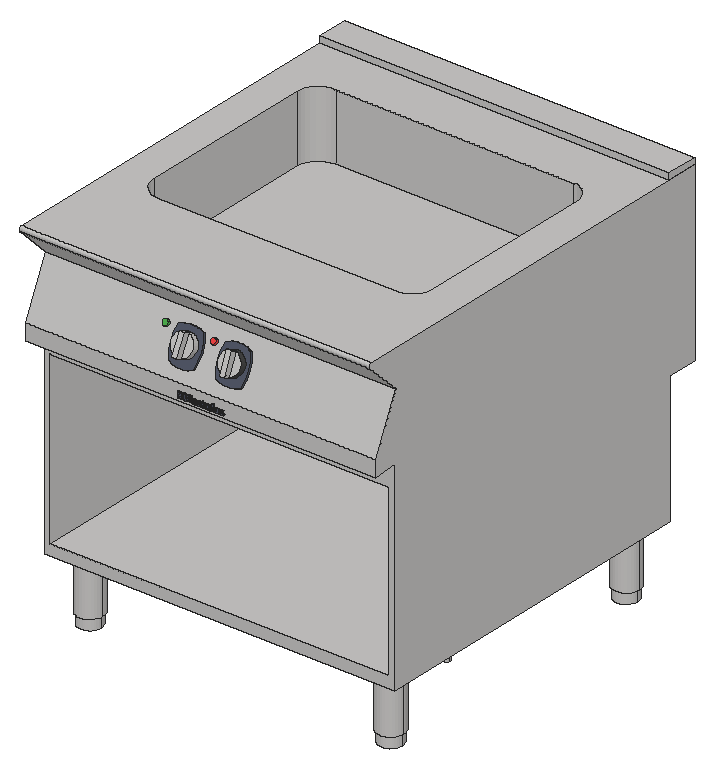
Revit family "QF_ELECTROLUXPROFESSIONAL_391151_E9MFEHDIO0", category Specialty Equipment, Revit 2018
Family settings
  Round Connector Dimension = Use Diameter
  Part Type = Normal
  Work Plane-Based = No
  Always vertical = Yes
  Cut with Voids When Loaded = No
  Shared = No
  Room Calculation Point = No
Parameters
  Width = 800 mm  # constant formula
  Weight in Pounds = 115  # constant formula
  Watts = 10000 VA  # 10000 W
  Waste Water Discharge Temperature [instance] = -459.67 °F
  Volts = 400 V  # constant formula
  URL Cutsheet = "www.electrolux.com/foodservice"
  URL = "www.electrolux.com/foodservice"
  Type Mark [instance] = ""
  Status [instance] = ""
  Specification by User [instance] = ""
  Specification by Manufacturer = ""
  Show Logo [instance] = yes
  Show Clearance [instance] = yes
  Serial Number = ""
  Seismic Rating = ""
  SMACNA No = ""
  Revision Code [instance] = ""
  Plumbing Remarks [instance] = ""
  Plumbing Connection Type [instance] = ""
  Phase = 3  # constant formula
  Omniclass Number and Title = ""
  Number of Poles [instance] = 1
  NAFEM Spec ID Number = ""
  Model = "391151"
  Min Ckt Ampacity = 0 A
  Max Overcurrent Protection = 0 A
  Masterspec = ""
  Manufacturer = "ELECTROLUX"
  Item Number [instance] = ""
  Installed By [instance] = ""
  Indirect Waste Size = 2"
  Indirect Waste Flow [instance] = 0 GPM
  Indirect Waste Connection Type [instance] = ""
  Indirect Waste Connection Height = 0 mm
  Identify Quantity as Lot [instance] = yes
  Height = 333 mm  # constant formula
  HP = "13.4 HP"
  Furnished By [instance] = ""
  Foodservice Equipment Identifier [instance] = yes
  FL Amps = if(Phase = 3, Watts / (Volts * 1.73), Watts / Volts)  # 14.4509 A
  Electrical Remarks [instance] = "400 V/3N ph/50/60 Hz"  # constant formula
  Electric Connection Type [instance] = ""
  Elec Conn RI Height [instance] = 0 mm
  Elec Conn Connection Height [instance] = 0 mm
  Direct Waste Size = 0"
  Description = "900XP ELECTRIC MULTIFUNCTIONAL COOKER 22 LT – WITH COMPOUND BOTTOM"
  Depth = 930 mm  # constant formula
  Cycle = if([60 Hertz Option], 60 Hz, 50 Hz)  # 60 Hz
  Conn Plug = ""
  Conn Conduit = yes
  CSI MasterFormat = ""
  CSI Master Format = ""
  Base Height [instance] = 149 mm  # constant formula
  Apparent Power = if(Phase = 3, Volts * FL Amps * 1.73, Volts * FL Amps)  # 10000 VA
  60 Hertz Option = not([50 Hertz Option])  # yes
  50 Hertz Option = no
Reference planes
  plane 1 "BACK": y = 0
  plane 2: z = 0
  plane 3 "LEFT": x = 0
  plane 4 "RIGHT": x = 800
  plane 5 "FRONT": y = -930
  plane 6 "TOP": z = 865
  plane 7 "Center Y": x = 400
  plane 8 "Center X": y = -465
  plane 9: z = 149
  plane 10: y = -126
  plane 11: y = -800
  plane 12: y = -695
  plane 13: x = 56
  plane 14: x = 744
  plane 15: z = 603
Forms (mm)
  Extrusion 1, solid, material "QF_Finishes_Stainless Steel"
    sketch origin (0, -198.623, 0) x (0, 1, 0) y (0, 0, 1)
      loop
        line (198.623, 850.237) -> (-725.027, 850.237)
        arc (-725.027, 850.237) -> (-730.893, 846.318) -> (-729.517, 839.397) r 6.35
        line (-729.517, 839.397) -> (-657.416, 767.047) -> (-713.522, 646.19) -> (-713.522, 608.09) -> (-660.4, 613.7) -> (-660.4, 149) -> (128.623, 149) -> (128.623, 448) -> (198.623, 448) -> (198.623, 850.237)
      loop
        line (198.623, 865) -> (125, 865) -> (125, 851.837) -> (198.623, 851.837) -> (198.623, 865)
    from 0 to 800
  Extrusion 2, void
    sketch origin (0, -198.623, 850.238) x (-1, 0, 0) y (0, -1, 0)
      loop
        line (-670, -11.863) -> (-128.433, -11.863)
        arc (-128.433, -11.863) -> (-93.078, 2.782) -> (-78.433, 38.137) r 50
        line (-78.433, 38.137) -> (-78.433, 446.377)
        arc (-78.433, 446.377) -> (-93.078, 481.732) -> (-128.433, 496.377) r 50
        line (-128.433, 496.377) -> (-670, 496.377)
        arc (-670, 496.377) -> (-705.355, 481.732) -> (-720, 446.377) r 50
        line (-720, 446.377) -> (-720, 38.137)
        arc (-720, 38.137) -> (-705.355, 2.782) -> (-670, -11.863) r 50
    from 0 to -152.4
  Extrusion 3, solid, material "QF_Finishes_Navy Blue"
    sketch origin (-108.463, -912.145, 646.19) x (0, 0.421077, 0.907025) y (-1, 0, 0)
      loop
        arc (101.077, -425.788) -> (66.2, -418.771) -> (31.333, -425.832) r 89.894
        arc (31.333, -425.832) -> (24.638, -454.363) -> (31.333, -482.893) r 64.14
        arc (31.333, -482.893) -> (66.2, -489.955) -> (101.077, -482.938) r 89.894
        arc (101.077, -482.938) -> (107.792, -454.363) -> (101.077, -425.788) r 64.16
    from 0 to 3.175
  Extrusion 4, solid, material "QF_Finishes_Stainless Steel"
    sketch origin (-108.463, -915.025, 647.527) x (0, 0.421077, 0.907025) y (-1, 0, 0)
      loop
        circle (68.826, -454.351) r 25.4
    from 0 to 12.7
  Extrusion 5, solid, material "QF_Finishes_Stainless Steel"
    sketch origin (-108.463, -926.544, 652.875) x (0, 0.421077, 0.907025) y (-1, 0, 0)
      loop
        arc (93.558, -460.137) -> (94.226, -454.351) -> (93.558, -448.564) r 25.4
        line (93.558, -448.564) -> (44.094, -448.564)
        arc (44.094, -448.564) -> (43.426, -454.351) -> (44.094, -460.137) r 25.4
        line (44.094, -460.137) -> (93.558, -460.137)
    from 0 to 12.7
  Extrusion 6, solid, material "QF_Finishes_Red"
    sketch origin (-55, -912.145, 646.19) x (0, 0.421077, 0.907025) y (-1, 0, 0)
      loop
        circle (93.566, -454.95) r 6.35
    from 0 to 3.175
  Extrusion 7, solid, material "QF_Clearances", visible <- "Show Clearance", detail levels coarse
    sketch origin (0, -198.623, 0) x (1, 0, 0) y (0, 1, 0)
      loop
        line (0, -731.377) -> (0, 198.623) -> (800, 198.623) -> (800, -731.377) -> (950.019, -731.377) -> (950.019, 348.642) -> (-150.019, 348.642) -> (-150.019, -731.377) -> (0, -731.377)
    from 0 to 865
  Revolve 8, solid, material "QF_Finishes_Stainless Steel"
    sketch origin (0, -799.136, 608.09) x (0, 0, 1) y (-1, 0, 0)
      loop
        line (-608.09, -56) -> (-459.09, -56) -> (-459.09, -26) -> (-583.09, -26) -> (-583.09, -29.75) -> (-608.09, -29.75) -> (-608.09, -56)
      axis (-608.09, -56) -> (-459.09, -56)
    angle from 0 to 360
  Revolve 9, solid, material "QF_Finishes_Stainless Steel"
    sketch origin (0, -126, 608.09) x (0, 0, 1) y (-1, 0, 0)
      loop
        line (-608.09, -56) -> (-459.09, -56) -> (-459.09, -26) -> (-583.09, -26) -> (-583.09, -29.75) -> (-608.09, -29.75) -> (-608.09, -56)
      axis (-608.09, -56) -> (-459.09, -56)
    angle from 0 to 360
  Revolve 10, solid, material "QF_Finishes_Stainless Steel"
    sketch origin (800.1, -799.136, 608.09) x (0, 0, 1) y (-1, 0, 0)
      loop
        line (-608.09, 56.1) -> (-608.09, 29.85) -> (-583.09, 29.85) -> (-583.09, 26.1) -> (-459.09, 26.1) -> (-459.09, 56.1) -> (-608.09, 56.1)
      axis (-608.09, 56.1) -> (-459.09, 56.1)
    angle from 0 to 360
  Revolve 11, solid, material "QF_Finishes_Stainless Steel"
    sketch origin (800.1, -126, 608.09) x (0, 0, 1) y (-1, 0, 0)
      loop
        line (-608.09, 56.1) -> (-608.09, 29.85) -> (-583.09, 29.85) -> (-583.09, 26.1) -> (-459.09, 26.1) -> (-459.09, 56.1) -> (-608.09, 56.1)
      axis (-608.09, 56.1) -> (-459.09, 56.1)
    angle from 0 to 360
  Extrusion 12, solid, material "QF_Finishes_Stainless Steel"
    sketch origin (-77.88, -4770.623, 601) x (-1, 0, 0) y (0, -1, 0)
      loop
        circle (-368.88, -4124.623) r 12.7
    from 0 to -12.7
  Extrusion 13, void
    sketch origin (0, -859.023, 601) x (0, 0, -1) y (-1, 0, 0)
      loop
        line (426.6, -12.7) -> (38.1, -12.7) -> (38.1, -787.3) -> (426.6, -787.3) -> (426.6, -12.7)
    from 0 to 570.276
  Extrusion 14, solid, material "QF_Finishes_Navy Blue"
    sketch origin (908.563, -912.145, 646.19) x (0, 0.421077, 0.907025) y (-1, 0, 0)
      loop
        arc (101.077, 425.944) -> (107.812, 454.563) -> (101.077, 483.182) r 64.179
        arc (101.077, 483.182) -> (66.2, 490.196) -> (31.333, 483.138) r 89.935
        arc (31.333, 483.138) -> (24.618, 454.563) -> (31.333, 425.988) r 64.16
        arc (31.333, 425.988) -> (66.2, 418.933) -> (101.077, 425.944) r 89.976
    from 0 to 3.175
  Extrusion 15, solid, material "QF_Finishes_Stainless Steel"
    sketch origin (908.563, -915.025, 647.527) x (0, 0.421077, 0.907025) y (-1, 0, 0)
      loop
        circle (68.826, 454.351) r 25.4
    from 0 to 12.7
  Extrusion 16, solid, material "QF_Finishes_Stainless Steel"
    sketch origin (908.563, -926.544, 652.875) x (0, 0.421077, 0.907025) y (-1, 0, 0)
      loop
        line (93.558, 460.137) -> (44.094, 460.137)
        arc (44.094, 460.137) -> (43.426, 454.351) -> (44.094, 448.564) r 25.4
        line (44.094, 448.564) -> (93.558, 448.564)
        arc (93.558, 448.564) -> (94.226, 454.351) -> (93.558, 460.137) r 25.4
    from 0 to 12.7
  Extrusion 17, solid, material "QF_Finishes_Green"
    sketch origin (-165, -912.145, 646.19) x (0, 0.421077, 0.907025) y (-1, 0, 0)
      loop
        circle (93.566, -455.05) r 6.35
    from 0 to 3.175
  Extrusion 18, solid, material "QF_Finishes_Navy Blue", visible <- "Show Logo"
    sketch origin (60.791, -912.395, 608.09) x (0, 0, 1) y (-1, 0, 0)
      loop
        line (20.674, -296.698) -> (8.307, -296.698)
        arc (8.307, -296.698) -> (14.491, -301.27) -> (20.674, -296.698) r 6.467
      loop
        arc (20.674, -296.069) -> (19.505, -290.926) -> (14.849, -288.448) r 6.338
        line (14.849, -288.448) -> (14.849, -290.494)
        arc (14.849, -290.494) -> (16.333, -294.149) -> (19.778, -296.069) r 5.941
        line (19.778, -296.069) -> (20.674, -296.069)
      loop
        arc (9.203, -296.069) -> (12.648, -294.149) -> (14.132, -290.494) r 5.941
        line (14.132, -290.494) -> (14.132, -288.448)
        arc (14.132, -288.448) -> (9.438, -290.922) -> (8.148, -296.069) r 6.504
        line (8.148, -296.069) -> (9.203, -296.069)
      loop
        line (21.349, -287.979) -> (7.604, -287.979) -> (7.604, -301.742) -> (21.349, -301.742) -> (21.349, -287.979)
      loop
        arc (21.432, -304.71) -> (21.085, -304.352) -> (20.718, -304.69) r 0.358
        arc (20.718, -304.69) -> (20.404, -305.44) -> (19.687, -305.825) r 1.216
        line (19.687, -305.825) -> (9.274, -305.825)
        arc (9.274, -305.825) -> (8.614, -305.548) -> (8.218, -304.951) r 1.238
        arc (8.218, -304.951) -> (7.823, -304.7) -> (7.518, -305.054) r 0.358
        line (7.518, -305.054) -> (7.518, -314.933) -> (10.269, -314.933) -> (10.269, -314.036)
        arc (10.269, -314.036) -> (9.36, -313.456) -> (8.904, -312.479) r 1.928
        line (8.904, -312.479) -> (8.904, -309.98)
        arc (8.904, -309.98) -> (9.18, -309.251) -> (9.868, -308.887) r 1.101
        line (9.868, -308.887) -> (13.955, -308.887) -> (13.955, -312.561)
        arc (13.955, -312.561) -> (13.602, -313.058) -> (13.037, -313.286) r 1.083
        arc (13.037, -313.286) -> (12.773, -313.591) -> (13.065, -313.869) r 0.292
        line (13.065, -313.869) -> (16.028, -313.869)
        arc (16.028, -313.869) -> (16.33, -313.596) -> (16.092, -313.266) r 0.305
        arc (16.092, -313.266) -> (15.601, -313.018) -> (15.296, -312.561) r 1.083
        line (15.296, -312.561) -> (15.296, -308.887) -> (19.973, -308.887) -> (19.973, -312.635)
        arc (19.973, -312.635) -> (19.759, -313.39) -> (19.153, -313.888) r 1.314
        arc (19.153, -313.888) -> (18.934, -314.292) -> (19.288, -314.585) r 0.361
        line (19.288, -314.585) -> (21.432, -314.585) -> (21.432, -304.71)
      loop
        arc (20.715, -315.365) -> (20.335, -316.284) -> (19.416, -316.664) r 1.299
        line (19.416, -316.664) -> (9.837, -316.664)
        arc (9.837, -316.664) -> (8.999, -316.286) -> (8.728, -315.408) r 1.118
        line (8.728, -315.408) -> (7.518, -315.408) -> (7.518, -320.758) -> (8.706, -320.758)
        arc (8.706, -320.758) -> (8.978, -319.841) -> (9.848, -319.445) r 1.153
        line (9.848, -319.445) -> (21.92, -319.445) -> (20.715, -315.365)
      loop
        line (12.483, -323.394) -> (12.483, -329.842) -> (13.282, -329.842)
        arc (13.282, -329.842) -> (15.862, -328.857) -> (17.131, -326.404) r 3.874
        line (17.131, -326.404) -> (17.131, -324.643)
        arc (17.131, -324.643) -> (15.944, -321.778) -> (13.08, -320.592) r 4.051
        line (13.08, -320.592) -> (11.072, -320.592)
        arc (11.072, -320.592) -> (8.253, -322.077) -> (7.202, -325.084) r 4.352
        arc (7.202, -325.084) -> (7.566, -327.547) -> (8.943, -329.621) r 5.713
        line (8.943, -329.621) -> (9.892, -329.621)
        arc (9.892, -329.621) -> (9.16, -328.052) -> (8.943, -326.334) r 5.579
        arc (8.943, -326.334) -> (9.737, -324.371) -> (11.616, -323.394) r 3.057
        line (11.616, -323.394) -> (12.483, -323.394)
      loop
        line (13.742, -323.394) -> (13.742, -326.977)
        arc (13.742, -326.977) -> (15.199, -327.024) -> (16.082, -325.864) r 1.59
        line (16.082, -325.864) -> (16.082, -325.034)
        arc (16.082, -325.034) -> (15.217, -323.779) -> (13.742, -323.394) r 2.184
      loop
        arc (16.533, -339.259) -> (17.022, -337.585) -> (17.179, -335.848) r 9.023
        line (17.179, -335.848) -> (17.179, -334.486)
        arc (17.179, -334.486) -> (16.02, -331.686) -> (13.22, -330.527) r 3.959
        line (13.22, -330.527) -> (10.62, -330.527)
        arc (10.62, -330.527) -> (8.338, -331.819) -> (7.221, -334.192) r 4.331
        line (7.221, -334.192) -> (7.221, -336.327)
        arc (7.221, -336.327) -> (7.729, -337.877) -> (8.651, -339.223) r 5.772
        arc (8.651, -339.223) -> (9.412, -339.274) -> (9.499, -338.515) r 0.553
        arc (9.499, -338.515) -> (9.111, -337.781) -> (8.977, -336.962) r 2.573
        line (8.977, -336.962) -> (8.977, -335.447)
        arc (8.977, -335.447) -> (9.983, -333.806) -> (11.798, -333.163) r 2.884
        line (11.798, -333.163) -> (13.077, -333.163)
        arc (13.077, -333.163) -> (14.898, -333.723) -> (15.824, -335.388) r 2.554
        line (15.824, -335.388) -> (15.824, -336.441)
        arc (15.824, -336.441) -> (15.493, -337.369) -> (14.836, -338.104) r 2.564
        arc (14.836, -338.104) -> (14.614, -338.821) -> (15.223, -339.259) r 0.643
        line (15.223, -339.259) -> (16.533, -339.259)
      loop
        line (15.515, -339.53) -> (15.515, -341.031) -> (9.467, -341.031)
        arc (9.467, -341.031) -> (7.879, -341.688) -> (7.221, -343.276) r 2.246
        line (7.221, -343.276) -> (7.221, -344.86)
        arc (7.221, -344.86) -> (7.535, -345.725) -> (8.035, -346.496) r 4.06
        arc (8.035, -346.496) -> (8.768, -346.629) -> (9.019, -345.928) r 0.576
        arc (9.019, -345.928) -> (8.913, -345.403) -> (8.977, -344.87) r 1.69
        arc (8.977, -344.87) -> (9.519, -344.082) -> (10.425, -343.779) r 1.506
        line (10.425, -343.779) -> (15.563, -343.779) -> (15.563, -346.176) -> (16.119, -346.733) -> (16.941, -346.733) -> (16.941, -343.873) -> (20.172, -343.873) -> (15.515, -339.53)
      loop
        line (7.438, -347.63) -> (7.438, -353.017) -> (8.548, -353.017)
        arc (8.548, -353.017) -> (8.942, -352.066) -> (9.893, -351.672) r 1.345
        line (9.893, -351.672) -> (13.509, -351.672)
        arc (13.509, -351.672) -> (14.274, -352.264) -> (14.564, -353.186) r 1.615
        line (14.564, -353.186) -> (14.564, -354.742) -> (17.119, -355.427) -> (17.119, -354.044) -> (15.177, -351.485) -> (17.057, -351.485) -> (16.773, -348.779)
        arc (16.773, -348.779) -> (16.333, -348.249) -> (15.674, -348.45) r 0.621
        arc (15.674, -348.45) -> (15.274, -348.792) -> (14.78, -348.975) r 1.501
        line (14.78, -348.975) -> (9.893, -348.975)
        arc (9.893, -348.975) -> (8.942, -348.581) -> (8.548, -347.63) r 1.345
        line (8.548, -347.63) -> (7.438, -347.63)
      loop
        line (13.54, -354.964) -> (10.848, -354.964)
        arc (10.848, -354.964) -> (8.403, -356.272) -> (7.269, -358.803) r 4.288
        arc (7.269, -358.803) -> (7.205, -360.183) -> (7.269, -361.563) r 15.022
        arc (7.269, -361.563) -> (8.403, -364.094) -> (10.848, -365.401) r 4.288
        line (10.848, -365.401) -> (13.54, -365.401)
        arc (13.54, -365.401) -> (15.986, -364.094) -> (17.119, -361.563) r 4.288
        arc (17.119, -361.563) -> (17.183, -360.183) -> (17.119, -358.803) r 15.022
        arc (17.119, -358.803) -> (15.986, -356.272) -> (13.54, -354.964) r 4.288
      loop
        line (13.745, -358.078) -> (10.643, -358.078)
        arc (10.643, -358.078) -> (8.486, -360.235) -> (10.643, -362.392) r 2.157
        line (10.643, -362.392) -> (13.745, -362.392)
        arc (13.745, -362.392) -> (15.902, -360.235) -> (13.745, -358.078) r 2.157
      loop
        arc (20.726, -365.26) -> (20.355, -366.154) -> (19.461, -366.524) r 1.264
        line (19.461, -366.524) -> (9.597, -366.524)
        arc (9.597, -366.524) -> (8.727, -366.127) -> (8.455, -365.211) r 1.153
        line (8.455, -365.211) -> (7.518, -365.211) -> (7.518, -370.319) -> (8.446, -370.319)
        arc (8.446, -370.319) -> (8.805, -369.547) -> (9.597, -369.232) r 1.153
        line (9.597, -369.232) -> (21.92, -369.232) -> (20.726, -365.26)
      loop
        arc (15.846, -369.857) -> (15.647, -370.921) -> (14.678, -371.403) r 1.215
        line (14.678, -371.403) -> (9.658, -371.403)
        arc (9.658, -371.403) -> (8.043, -372.051) -> (7.322, -373.634) r 2.338
        line (7.322, -373.634) -> (7.322, -375.148)
        arc (7.322, -375.148) -> (7.497, -376.152) -> (7.999, -377.038) r 2.979
        line (7.999, -377.038) -> (7.518, -378.835) -> (7.518, -380.524) -> (16.943, -380.524) -> (16.649, -376.32) -> (15.863, -376.32)
        arc (15.863, -376.32) -> (15.507, -377.156) -> (14.755, -377.665) r 1.605
        line (14.755, -377.665) -> (9.652, -377.665)
        arc (9.652, -377.665) -> (9.232, -376.728) -> (9.159, -375.704) r 2.94
        arc (9.159, -375.704) -> (9.72, -374.603) -> (10.873, -374.16) r 1.724
        line (10.873, -374.16) -> (17.07, -374.16) -> (15.846, -369.857)
      loop
        line (16.874, -381.377) -> (15.202, -383.423) -> (12.028, -385.729) -> (8.572, -382.617)
        arc (8.572, -382.617) -> (8.335, -382.223) -> (8.357, -381.764) r 0.789
        line (8.357, -381.764) -> (7.518, -381.764) -> (7.518, -385.309) -> (8.344, -385.309)
        arc (8.344, -385.309) -> (8.686, -384.947) -> (9.176, -385.039) r 0.52
        line (9.176, -385.039) -> (10.976, -386.51) -> (8.858, -387.886)
        arc (8.858, -387.886) -> (8.457, -387.576) -> (8.37, -387.076) r 0.7
        line (8.37, -387.076) -> (7.518, -387.076) -> (7.518, -393.003) -> (8.405, -393.003)
        arc (8.405, -393.003) -> (8.472, -392.344) -> (8.866, -391.813) r 1.247
        line (8.866, -391.813) -> (13.066, -388.532) -> (15.513, -390.585) -> (16.874, -392.327) -> (16.874, -388.604) -> (15.389, -389.026) -> (13.868, -387.749) -> (15.568, -386.559) -> (16.874, -387.336) -> (16.874, -381.377)
    from 0 to 1.644
  Extrusion 19, void
    sketch origin (0, -198.623, 697.838) x (0, -1, 0) y (-1, 0, 0)
      loop
        circle (447.377, -291) r 30
    from 0 to 96.838
  Extrusion 20, solid, material "QF_Finishes_Stainless Steel"
    sketch origin (0, -300.223, 149) x (-1, 0, 0) y (0, 1, 0)
      loop
        circle (-789, -394.777) r 6.604
    from 0 to 12.7
  Extrusion 21, solid, material "QF_Finishes_Stainless Steel"
    sketch origin (787.3, -859.023, 562.9) x (0, 1, 0) y (1, 0, 0)
      loop
        circle (105.023, -107.3) r 12.7
    from -60.039 to -40.1
Cuts and joins
  Extrusion 2, Extrusion 13, Extrusion 19 cuts Extrusion 1
Lines and regions (mm)
  symbolic lines, style "QF_Clearances", visible <- "Show Clearance", detail levels coarse
    curve 1: line (-150.019, 150.019, 850.238) -> (-150.019, -930, 850.238)
    curve 2: line (950.019, 150.019, 850.237) -> (-150.019, 150.019, 850.238)
    curve 3: line (950.019, -930, 850.237) -> (950.019, 150.019, 850.237)
  symbolic lines
    curve 4: line (0, 0, 850.238) -> (800, 0, 850.237)
    curve 5: line (0, -928.623, 850.238) -> (0, 0, 850.238)
    curve 6: line (800, -928.623, 850.237) -> (0, -928.623, 850.238)
    curve 7: line (800, 0, 850.237) -> (800, -928.623, 850.237)
    curve 8: line (22.699, -6.761, 850.238) -> (22.699, -63.911, 850.238)
    curve 9: line (13.403, -63.911, 850.238) -> (13.403, -6.761, 850.238)
    curve 10: line (13.403, -6.761, 850.238) -> (22.699, -6.761, 850.238)
    curve 11: line (0, -73.623, 850.238) -> (398.413, -73.623, 850.237)
    curve 12: line (384.649, -6.761, 850.237) -> (384.649, -63.911, 850.237)
    curve 13: line (375.353, -63.911, 850.237) -> (375.353, -6.761, 850.237)
    curve 14: line (375.353, -6.761, 850.237) -> (384.649, -6.761, 850.237)
    curve 15: line (50.541, -6.761, 850.238) -> (50.541, -63.911, 850.238)
    curve 16: line (41.245, -63.911, 850.238) -> (41.245, -6.761, 850.238)
    curve 17: line (41.245, -6.761, 850.238) -> (50.541, -6.761, 850.238)
    curve 18: line (78.383, -6.761, 850.238) -> (78.383, -63.911, 850.238)
    curve 19: line (69.087, -63.911, 850.238) -> (69.087, -6.761, 850.238)
    curve 20: line (69.087, -6.761, 850.238) -> (78.383, -6.761, 850.238)
    curve 21: line (106.225, -6.761, 850.237) -> (106.225, -63.911, 850.237)
    curve 22: line (96.93, -63.911, 850.238) -> (96.93, -6.761, 850.238)
    curve 23: line (96.93, -6.761, 850.238) -> (106.225, -6.761, 850.237)
    curve 24: line (134.068, -6.761, 850.237) -> (134.068, -63.911, 850.237)
    curve 25: line (124.772, -63.911, 850.237) -> (124.772, -6.761, 850.237)
    curve 26: line (124.772, -6.761, 850.237) -> (134.068, -6.761, 850.237)
    curve 27: line (161.91, -6.761, 850.237) -> (161.91, -63.911, 850.237)
    curve 28: line (152.614, -63.911, 850.237) -> (152.614, -6.761, 850.237)
    curve 29: line (152.614, -6.761, 850.237) -> (161.91, -6.761, 850.237)
    curve 30: line (189.752, -6.761, 850.237) -> (189.752, -63.911, 850.237)
    curve 31: line (180.457, -63.911, 850.237) -> (180.457, -6.761, 850.237)
    curve 32: line (180.457, -6.761, 850.237) -> (189.752, -6.761, 850.237)
    curve 33: line (217.595, -6.761, 850.237) -> (217.595, -63.911, 850.237)
    curve 34: line (208.299, -63.911, 850.237) -> (208.299, -6.761, 850.237)
    curve 35: line (208.299, -6.761, 850.237) -> (217.595, -6.761, 850.237)
    curve 36: line (245.437, -6.761, 850.237) -> (245.437, -63.911, 850.237)
    curve 37: line (236.141, -63.911, 850.237) -> (236.141, -6.761, 850.237)
    curve 38: line (236.141, -6.761, 850.237) -> (245.437, -6.761, 850.237)
    curve 39: line (273.279, -6.761, 850.237) -> (273.279, -63.911, 850.237)
    curve 40: line (263.984, -63.911, 850.237) -> (263.984, -6.761, 850.237)
    curve 41: line (263.984, -6.761, 850.237) -> (273.279, -6.761, 850.237)
    curve 42: line (301.122, -6.761, 850.237) -> (301.122, -63.911, 850.237)
    curve 43: line (291.826, -63.911, 850.237) -> (291.826, -6.761, 850.237)
    curve 44: line (291.826, -6.761, 850.237) -> (301.122, -6.761, 850.237)
    curve 45: line (328.964, -6.761, 850.237) -> (328.964, -63.911, 850.237)
    curve 46: line (319.668, -63.911, 850.237) -> (319.668, -6.761, 850.237)
    curve 47: line (319.668, -6.761, 850.237) -> (328.964, -6.761, 850.237)
    curve 48: line (356.806, -6.761, 850.237) -> (356.806, -63.911, 850.237)
    curve 49: line (347.511, -63.911, 850.237) -> (347.511, -6.761, 850.237)
    curve 50: line (347.511, -6.761, 850.237) -> (356.806, -6.761, 850.237)
    curve 51: line (777.251, -6.761, 850.237) -> (777.251, -63.911, 850.237)
    curve 52: line (786.547, -63.911, 850.237) -> (786.547, -6.761, 850.237)
    curve 53: line (786.547, -6.761, 850.237) -> (777.251, -6.761, 850.237)
    curve 54: line (415.301, -6.761, 850.237) -> (415.301, -63.911, 850.237)
    curve 55: line (424.597, -63.911, 850.237) -> (424.597, -6.761, 850.237)
    curve 56: line (424.597, -6.761, 850.237) -> (415.301, -6.761, 850.237)
    curve 57: line (749.409, -6.761, 850.237) -> (749.409, -63.911, 850.237)
    curve 58: line (758.705, -63.911, 850.237) -> (758.705, -6.761, 850.237)
    curve 59: line (758.705, -6.761, 850.237) -> (749.409, -6.761, 850.237)
    curve 60: line (721.567, -6.761, 850.237) -> (721.567, -63.911, 850.237)
    curve 61: line (730.863, -63.911, 850.237) -> (730.863, -6.761, 850.237)
    curve 62: line (730.863, -6.761, 850.237) -> (721.567, -6.761, 850.237)
    curve 63: line (693.725, -6.761, 850.237) -> (693.725, -63.911, 850.237)
    curve 64: line (703.02, -63.911, 850.237) -> (703.02, -6.761, 850.237)
    curve 65: line (703.02, -6.761, 850.237) -> (693.725, -6.761, 850.237)
    curve 66: line (665.882, -6.761, 850.237) -> (665.882, -63.911, 850.237)
    curve 67: line (675.178, -63.911, 850.237) -> (675.178, -6.761, 850.237)
    curve 68: line (675.178, -6.761, 850.237) -> (665.882, -6.761, 850.237)
    curve 69: line (638.04, -6.761, 850.237) -> (638.04, -63.911, 850.237)
    curve 70: line (647.336, -63.911, 850.237) -> (647.336, -6.761, 850.237)
    curve 71: line (647.336, -6.761, 850.237) -> (638.04, -6.761, 850.237)
    curve 72: line (610.198, -6.761, 850.237) -> (610.198, -63.911, 850.237)
    curve 73: line (619.493, -63.911, 850.237) -> (619.493, -6.761, 850.237)
    curve 74: line (619.493, -6.761, 850.237) -> (610.198, -6.761, 850.237)
    curve 75: line (582.355, -6.761, 850.237) -> (582.355, -63.911, 850.237)
    curve 76: line (591.651, -63.911, 850.237) -> (591.651, -6.761, 850.237)
    curve 77: line (591.651, -6.761, 850.237) -> (582.355, -6.761, 850.237)
    curve 78: line (554.513, -6.761, 850.237) -> (554.513, -63.911, 850.237)
    curve 79: line (563.809, -63.911, 850.237) -> (563.809, -6.761, 850.237)
    curve 80: line (563.809, -6.761, 850.237) -> (554.513, -6.761, 850.237)
    curve 81: line (526.671, -6.761, 850.237) -> (526.671, -63.911, 850.237)
    curve 82: line (535.966, -63.911, 850.237) -> (535.966, -6.761, 850.237)
    curve 83: line (535.966, -6.761, 850.237) -> (526.671, -6.761, 850.237)
    curve 84: line (498.828, -6.761, 850.237) -> (498.828, -63.911, 850.237)
    curve 85: line (508.124, -63.911, 850.237) -> (508.124, -6.761, 850.237)
    curve 86: line (508.124, -6.761, 850.237) -> (498.828, -6.761, 850.237)
    curve 87: line (470.986, -6.761, 850.237) -> (470.986, -63.911, 850.237)
    curve 88: line (480.282, -63.911, 850.237) -> (480.282, -6.761, 850.237)
    curve 89: line (480.282, -6.761, 850.237) -> (470.986, -6.761, 850.237)
    curve 90: line (443.144, -6.761, 850.237) -> (443.144, -63.911, 850.237)
    curve 91: line (452.439, -63.911, 850.237) -> (452.439, -6.761, 850.237)
    curve 92: line (452.439, -6.761, 850.237) -> (443.144, -6.761, 850.237)
    curve 93: line (401.588, -73.623, 850.237) -> (401.588, 0, 850.237)
    curve 94: line (398.413, 0, 850.237) -> (398.413, -73.623, 850.237)
    curve 95: line (401.588, -73.623, 850.237) -> (800, -73.623, 850.237)
    curve 96: line (13.453, -63.911, 0) -> (22.749, -63.911, 0)
    curve 97: line (375.403, -63.911, 0) -> (384.699, -63.911, 0)
    curve 98: line (41.295, -63.911, 0) -> (50.591, -63.911, 0)
    curve 99: line (69.137, -63.911, 0) -> (78.433, -63.911, 0)
    curve 100: line (96.98, -63.911, 0) -> (106.275, -63.911, 0)
    curve 101: line (124.822, -63.911, 0) -> (134.118, -63.911, 0)
    curve 102: line (152.664, -63.911, 0) -> (161.96, -63.911, 0)
    curve 103: line (180.507, -63.911, 0) -> (189.802, -63.911, 0)
    curve 104: line (208.349, -63.911, 0) -> (217.645, -63.911, 0)
    curve 105: line (236.191, -63.911, 0) -> (245.487, -63.911, 0)
    curve 106: line (264.034, -63.911, 0) -> (273.329, -63.911, 0)
    curve 107: line (291.876, -63.911, 0) -> (301.172, -63.911, 0)
    curve 108: line (319.718, -63.911, 0) -> (329.014, -63.911, 0)
    curve 109: line (347.561, -63.911, 0) -> (356.856, -63.911, 0)
    curve 110: line (786.597, -63.911, 0) -> (777.301, -63.911, 0)
    curve 111: line (424.647, -63.911, 0) -> (415.351, -63.911, 0)
    curve 112: line (758.755, -63.911, 0) -> (749.459, -63.911, 0)
    curve 113: line (730.913, -63.911, 0) -> (721.617, -63.911, 0)
    curve 114: line (703.07, -63.911, 0) -> (693.775, -63.911, 0)
    curve 115: line (675.228, -63.911, 0) -> (665.932, -63.911, 0)
    curve 116: line (647.386, -63.911, 0) -> (638.09, -63.911, 0)
    curve 117: line (619.543, -63.911, 0) -> (610.248, -63.911, 0)
    curve 118: line (591.701, -63.911, 0) -> (582.405, -63.911, 0)
    curve 119: line (563.859, -63.911, 0) -> (554.563, -63.911, 0)
    curve 120: line (536.016, -63.911, 0) -> (526.721, -63.911, 0)
    curve 121: line (508.174, -63.911, 0) -> (498.878, -63.911, 0)
    curve 122: line (480.332, -63.911, 0) -> (471.036, -63.911, 0)
    curve 123: line (452.489, -63.911, 0) -> (443.194, -63.911, 0)
    curve 124: line (670, -186.761, 850.237) -> (128.433, -186.761, 850.237)
    curve 125: arc (128.433, -186.761, 850.237) -> (93.078, -201.406, 850.238) -> (78.433, -236.761, 850.238) r 50
    curve 126: line (78.433, -236.761, 850.238) -> (78.433, -645, 850.238)
    curve 127: arc (78.433, -645, 850.238) -> (93.078, -680.355, 850.238) -> (128.433, -695, 850.237) r 50
    curve 128: line (128.433, -695, 850.237) -> (670, -695, 850.237)
    curve 129: arc (670, -186.761, 850.237) -> (705.355, -201.406, 850.237) -> (720, -236.761, 850.237) r 50
    curve 130: line (720, -236.761, 850.237) -> (720, -645, 850.237)
    curve 131: arc (720, -645, 850.237) -> (705.355, -680.355, 850.237) -> (670, -695, 850.237) r 50
    curve 132: arc (291, -616, 850.237) -> (321, -646, 850.237) -> (291, -676, 850.237) r 30
    curve 133: arc (291, -676, 850.237) -> (261, -646, 850.237) -> (291, -616, 850.237) r 30
Dimensions and locks
  equal spacing: plane 3 "LEFT", plane 7 "Center Y", plane 4 "RIGHT"
  "Width": plane 3 "LEFT" to plane 4 "RIGHT"
  equal spacing: plane 5 "FRONT", plane 8 "Center X", plane 1 "BACK"
  "Depth": plane 5 "FRONT" to plane 1 "BACK"
  plane 1 "BACK" to plane 5 "FRONT" = 930 mm
  "Base Height": plane 9 to level
  plane 6 "TOP" to plane 2 = 865 mm  (x2)
  plane 9 to cut or joined group of Extrusion 1, Extrusion 2, Extrusion 13, Extrusion 19 = 299 mm
  cut or joined group of Extrusion 1, Extrusion 2, Extrusion 13, Extrusion 19 to plane 1 "BACK" = 70 mm
  plane 10 to plane 1 "BACK" = 126 mm
  plane 11 to plane 10 = 674 mm
  plane 9 to plane 2 = 149 mm
  cut or joined group of Extrusion 1, Extrusion 2, Extrusion 13, Extrusion 19 to plane 9 = 701.237 mm
  plane 12 to plane 1 "BACK" = 695 mm
  Extrusion 19 sketch curve to plane 1 "BACK" = 646 mm
  plane 3 "LEFT" to Extrusion 19 sketch curve = 291 mm
  Extrusion 12 sketch curve to plane 1 "BACK" = 646 mm
  plane 3 "LEFT" to Extrusion 12 sketch curve = 291 mm
  plane 4 "RIGHT" to plane 14 to plane 13 to plane 3 "LEFT" = 56 mm, 688 mm, 56 mm
  plane 6 "TOP" to Extrusion 21 = 262 mm
  plane 15 to plane 6 "TOP" = 262 mm
  aligned and locked: level to plane 2
Automatic sketch dimensions
  plane 3 "LEFT" to curve 96 = 13.453 mm
  curve 96 to curve 96 = 9.296 mm
  curve 98 to plane 13 = 14.705 mm
  curve 98 to plane 13 = 5.409 mm
  plane 13 to curve 99 = 13.137 mm
  curve 99 to curve 99 = 9.296 mm
  curve 99 to curve 100 = 18.547 mm
  curve 100 to curve 100 = 9.296 mm
  curve 100 to curve 101 = 18.547 mm
  curve 101 to curve 101 = 9.296 mm
  curve 101 to curve 102 = 18.547 mm
  curve 102 to curve 102 = 9.296 mm
  curve 102 to curve 103 = 18.547 mm
  curve 103 to curve 103 = 9.296 mm
  curve 103 to curve 104 = 18.547 mm
  curve 104 to curve 104 = 9.296 mm
  curve 104 to curve 105 = 18.547 mm
  curve 105 to curve 105 = 9.296 mm
  curve 105 to curve 106 = 18.547 mm
  curve 106 to curve 106 = 9.296 mm
  curve 106 to curve 107 = 18.547 mm
  curve 107 to curve 107 = 9.296 mm
  curve 107 to curve 108 = 18.547 mm
  curve 108 to curve 108 = 9.296 mm
  curve 108 to curve 109 = 18.547 mm
  curve 109 to curve 109 = 9.296 mm
  curve 109 to curve 97 = 18.547 mm
  curve 97 to curve 97 = 9.296 mm
  plane 7 "Center Y" to curve 111 = 15.351 mm
  curve 111 to curve 111 = 9.296 mm
  curve 111 to curve 123 = 18.547 mm
  curve 123 to curve 123 = 9.296 mm
  curve 123 to curve 122 = 18.547 mm
  curve 122 to curve 122 = 9.296 mm
  curve 122 to curve 121 = 18.547 mm
  curve 121 to curve 121 = 9.296 mm
  curve 121 to curve 120 = 18.547 mm
  curve 120 to curve 120 = 9.296 mm
  curve 120 to curve 119 = 18.547 mm
  curve 119 to curve 119 = 9.296 mm
  curve 119 to curve 118 = 18.547 mm
  curve 118 to curve 118 = 9.296 mm
  curve 118 to curve 117 = 18.547 mm
  curve 117 to curve 117 = 9.296 mm
  curve 117 to curve 116 = 18.547 mm
  curve 116 to curve 116 = 9.296 mm
  curve 116 to curve 115 = 18.547 mm
  curve 115 to curve 115 = 9.296 mm
  curve 115 to curve 114 = 18.547 mm
  curve 114 to curve 114 = 9.296 mm
  curve 114 to curve 113 = 18.547 mm
  curve 113 to curve 113 = 9.296 mm
  plane 14 to curve 112 = 5.459 mm
  curve 112 to curve 112 = 9.296 mm
  curve 112 to curve 110 = 18.547 mm
  curve 110 to curve 110 = 9.296 mm
  curve 96 to plane 10 = 62.089 mm
  curve 97 to plane 10 = 62.089 mm
  curve 96 to curve 98 = 0 mm
  curve 98 to curve 99 = 0 mm
  curve 99 to curve 100 = 0 mm
  curve 100 to curve 101 = 0 mm
  curve 101 to curve 102 = 0 mm
  curve 102 to curve 103 = 0 mm
  curve 103 to curve 104 = 0 mm
  curve 104 to curve 105 = 0 mm
  curve 105 to curve 106 = 0 mm
  curve 106 to curve 107 = 0 mm
  curve 107 to curve 108 = 0 mm
  curve 108 to curve 109 = 0 mm
  curve 110 to plane 10 = 62.089 mm
  curve 97 to curve 111 = 0 mm
  curve 112 to curve 110 = 0 mm
  curve 113 to curve 112 = 0 mm
  curve 114 to curve 113 = 0 mm
  curve 115 to curve 114 = 0 mm
  curve 116 to curve 115 = 0 mm
  curve 117 to curve 116 = 0 mm
  curve 118 to curve 117 = 0 mm
  curve 119 to curve 118 = 0 mm
  curve 120 to curve 119 = 0 mm
  curve 121 to curve 120 = 0 mm
  curve 122 to curve 121 = 0 mm
  curve 123 to curve 122 = 0 mm
  plane 5 "FRONT" to curve 3 = 0 mm
  curve 95 to plane 4 "RIGHT" = 0 mm
  curve 131 to plane 12 = 0 mm
  plane 1 "BACK" to curve 93 = 0 mm
  curve 6 to plane 3 "LEFT" = 0 mm
  plane 5 "FRONT" to curve 1 = 0 mm
  plane 4 "RIGHT" to curve 3 = 150.019 mm
  curve 52 to plane 4 "RIGHT" = 13.453 mm
  curve 52 to curve 51 = 9.296 mm
  plane 14 to curve 58 = 14.705 mm
  plane 14 to curve 57 = 5.409 mm
  curve 61 to plane 14 = 13.137 mm
  curve 61 to curve 62 = 9.296 mm
  curve 129 to plane 14 = 24 mm
  plane 1 "BACK" to curve 65 = 6.761 mm
  curve 60 to curve 65 = 18.547 mm
  curve 64 to curve 63 = 9.296 mm
  plane 1 "BACK" to curve 67 = 6.761 mm
  curve 63 to curve 67 = 18.547 mm
  curve 130 to curve 131 = 50 mm
  curve 129 to curve 129 = 50 mm
  curve 67 to curve 66 = 9.296 mm
  plane 1 "BACK" to curve 70 = 6.761 mm
  curve 66 to curve 70 = 18.547 mm
  curve 70 to curve 69 = 9.296 mm
  plane 1 "BACK" to curve 73 = 6.761 mm
  curve 69 to curve 73 = 18.547 mm
  curve 73 to curve 72 = 9.296 mm
  curve 72 to curve 76 = 18.547 mm
  curve 76 to curve 75 = 9.296 mm
  plane 1 "BACK" to curve 80 = 6.761 mm
  curve 75 to curve 80 = 18.547 mm
  curve 79 to curve 78 = 9.296 mm
  plane 1 "BACK" to curve 82 = 6.761 mm
  curve 78 to curve 82 = 18.547 mm
  curve 82 to curve 81 = 9.296 mm
  plane 1 "BACK" to curve 85 = 6.761 mm
  curve 81 to curve 85 = 18.547 mm
  curve 85 to curve 84 = 9.296 mm
  plane 1 "BACK" to curve 88 = 6.761 mm
  curve 84 to curve 88 = 18.547 mm
  curve 88 to curve 87 = 9.296 mm
  plane 1 "BACK" to curve 91 = 6.761 mm
  curve 87 to curve 91 = 18.547 mm
  curve 91 to curve 90 = 9.296 mm
  plane 1 "BACK" to curve 56 = 6.761 mm
  curve 90 to curve 56 = 18.547 mm
  curve 55 to curve 56 = 9.296 mm
  plane 7 "Center Y" to curve 93 = 1.588 mm
  curve 11 to plane 7 "Center Y" = 1.587 mm
  curve 12 to plane 7 "Center Y" = 15.351 mm
  curve 12 to curve 13 = 9.296 mm
  plane 1 "BACK" to curve 48 = 6.761 mm
  curve 13 to curve 48 = 18.547 mm
  curve 48 to curve 49 = 9.296 mm
  curve 49 to curve 45 = 18.547 mm
  curve 45 to curve 46 = 9.296 mm
  plane 1 "BACK" to curve 42 = 6.761 mm
  curve 46 to curve 42 = 18.547 mm
  curve 42 to curve 43 = 9.296 mm
  plane 1 "BACK" to curve 39 = 6.761 mm
  curve 43 to curve 39 = 18.547 mm
  curve 39 to curve 40 = 9.296 mm
  curve 40 to curve 36 = 18.547 mm
  curve 36 to curve 37 = 9.296 mm
  plane 1 "BACK" to curve 33 = 6.761 mm
  curve 37 to curve 33 = 18.547 mm
  curve 33 to curve 34 = 9.296 mm
  curve 34 to curve 30 = 18.547 mm
  curve 30 to curve 32 = 9.296 mm
  plane 1 "BACK" to curve 29 = 6.761 mm
  curve 31 to curve 29 = 18.547 mm
  curve 27 to curve 28 = 9.296 mm
  plane 1 "BACK" to curve 24 = 6.761 mm
  curve 28 to curve 24 = 18.547 mm
  plane 13 to curve 128 = 72.433 mm
  plane 13 to curve 125 = 72.433 mm
  curve 24 to curve 25 = 9.296 mm
  plane 1 "BACK" to curve 21 = 6.761 mm
  curve 25 to curve 21 = 18.547 mm
  curve 21 to curve 22 = 9.296 mm
  plane 13 to curve 125 = 22.433 mm
  plane 1 "BACK" to curve 20 = 6.761 mm
  curve 22 to curve 20 = 18.547 mm
  curve 18 to curve 20 = 9.296 mm
  curve 17 to plane 13 = 5.459 mm
  curve 15 to curve 16 = 9.296 mm
  plane 1 "BACK" to curve 10 = 6.761 mm
  curve 16 to curve 10 = 18.547 mm
  curve 8 to curve 9 = 9.296 mm
  curve 1 to plane 3 "LEFT" = 150.019 mm
  curve 1 to plane 1 "BACK" = 150.019 mm
  plane 1 "BACK" to curve 12 = 6.761 mm
  plane 1 "BACK" to curve 15 = 6.761 mm
  plane 1 "BACK" to curve 30 = 6.761 mm
  plane 1 "BACK" to curve 77 = 6.761 mm
  plane 1 "BACK" to curve 36 = 6.761 mm
  plane 1 "BACK" to curve 45 = 6.761 mm
  plane 1 "BACK" to curve 51 = 6.761 mm
  plane 1 "BACK" to curve 57 = 6.761 mm
  plane 1 "BACK" to curve 60 = 6.761 mm
  curve 61 to curve 61 = 57.15 mm
  curve 60 to curve 61 = 0 mm
  curve 61 to curve 58 = 0 mm
  curve 63 to curve 60 = 0 mm
  curve 63 to curve 64 = 0 mm
  curve 57 to curve 58 = 0 mm
  curve 55 to curve 55 = 57.15 mm
  curve 54 to curve 55 = 0 mm
  curve 58 to curve 52 = 0 mm
  curve 66 to curve 63 = 0 mm
  curve 66 to curve 67 = 0 mm
  curve 51 to curve 52 = 0 mm
  curve 49 to curve 49 = 57.15 mm
  curve 49 to curve 48 = 0 mm
  curve 46 to curve 49 = 0 mm
  curve 69 to curve 66 = 0 mm
  curve 69 to curve 70 = 0 mm
  curve 46 to curve 45 = 0 mm
  curve 43 to curve 46 = 0 mm
  curve 43 to curve 42 = 0 mm
  curve 40 to curve 43 = 0 mm
  curve 72 to curve 69 = 0 mm
  curve 72 to curve 73 = 0 mm
  curve 40 to curve 39 = 0 mm
  curve 37 to curve 40 = 0 mm
  curve 37 to curve 36 = 0 mm
  curve 34 to curve 37 = 0 mm
  curve 75 to curve 72 = 0 mm
  curve 75 to curve 76 = 0 mm
  curve 34 to curve 33 = 0 mm
  curve 31 to curve 34 = 0 mm
  curve 31 to curve 30 = 0 mm
  curve 28 to curve 31 = 0 mm
  curve 78 to curve 75 = 0 mm
  curve 78 to curve 79 = 0 mm
  curve 28 to curve 27 = 0 mm
  curve 25 to curve 28 = 0 mm
  curve 25 to curve 24 = 0 mm
  curve 22 to curve 25 = 0 mm
  curve 81 to curve 78 = 0 mm
  curve 81 to curve 82 = 0 mm
  curve 22 to curve 21 = 0 mm
  curve 19 to curve 22 = 0 mm
  curve 19 to curve 18 = 0 mm
  curve 16 to curve 19 = 0 mm
  curve 84 to curve 81 = 0 mm
  curve 84 to curve 85 = 0 mm
  curve 16 to curve 15 = 0 mm
  curve 48 to curve 13 = 0 mm
  curve 13 to curve 12 = 0 mm
  curve 55 to curve 91 = 0 mm
  curve 91 to curve 87 = 0 mm
  curve 87 to curve 88 = 0 mm
  curve 90 to curve 91 = 0 mm
  curve 9 to curve 16 = 0 mm
  curve 9 to curve 8 = 0 mm
  curve 12 to curve 94 = 9.713 mm
  curve 52 to curve 95 = 9.713 mm
  plane 10 to curve 125 = 60.761 mm
  curve 6 to plane 5 "FRONT" = 1.377 mm
  Extrusion 1 sketch curve to plane 9 = 0 mm
  Extrusion 1 sketch curve to plane 6 "TOP" = 0 mm
  Extrusion 1 sketch curve to plane 1 "BACK" = 0 mm  (x2)
  Extrusion 1 sketch curve to plane 10 = 56 mm
  Extrusion 1 sketch curve to plane 6 "TOP" = 13.163 mm
  Extrusion 1 sketch curve to plane 10 = 52.377 mm
  Extrusion 1 sketch curve to plane 11 = 56.039 mm
  Extrusion 1 sketch curve to plane 11 = 59.023 mm
  Extrusion 1 sketch curve to plane 5 "FRONT" = 17.855 mm
  Extrusion 1 sketch curve to plane 5 "FRONT" = 6.35 mm
  Extrusion 1 sketch curve to plane 5 "FRONT" = 1.86 mm
  plane 9 to Extrusion 1 sketch curve = 299 mm
  Extrusion 1 sketch curve to plane 6 "TOP" = 256.91 mm
  Extrusion 1 sketch curve to Extrusion 1 sketch curve = 5.61 mm
  Extrusion 1 sketch curve to Extrusion 1 sketch curve = 38.1 mm
  Extrusion 1 sketch curve to plane 6 "TOP" = 97.953 mm
  Extrusion 1 sketch curve to plane 6 "TOP" = 25.603 mm
  Extrusion 1 sketch curve to Extrusion 1 sketch curve = 4.49 mm
  Extrusion 2 sketch curve to plane 12 = 0 mm
  Extrusion 2 sketch curve to plane 14 = 24 mm
  Extrusion 2 sketch curve to Extrusion 2 sketch curve = 50 mm  (x2)
  plane 13 to Extrusion 2 sketch curve = 72.433 mm  (x2)
  plane 13 to Extrusion 2 sketch curve = 22.433 mm
  plane 10 to Extrusion 2 sketch curve = 110.761 mm
  Extrusion 3 sketch curve to Extrusion 1 = 31.333 mm  (x2)
  Extrusion 3 sketch curve to Extrusion 3 sketch curve = 12.3 mm  (x3)
  Extrusion 3 sketch curve to Extrusion 3 sketch curve = 34.925 mm  (x2)
  Extrusion 1 to Extrusion 3 sketch curve = 44.467 mm
  Extrusion 1 to Extrusion 3 sketch curve = 399.798 mm
  Extrusion 3 sketch curve to Extrusion 3 sketch curve = 25.727 mm
  Extrusion 3 sketch curve to Extrusion 3 sketch curve = 25.771 mm
  Extrusion 3 sketch curve to Extrusion 3 sketch curve = 28.575 mm
  Extrusion 5 sketch curve to Extrusion 5 sketch curve = 24.732 mm
  Extrusion 5 sketch curve to Extrusion 5 sketch curve = 0 mm
  Extrusion 1 to Extrusion 6 sketch curve = 39.678 mm
  Extrusion 1 to Extrusion 6 sketch curve = 399.95 mm
  plane 5 "FRONT" to Extrusion 7 sketch curve = 0 mm  (x2)
  plane 1 "BACK" to Extrusion 7 sketch curve = 0 mm
  Extrusion 7 sketch curve to plane 3 "LEFT" = 0 mm
  Extrusion 7 sketch curve to plane 4 "RIGHT" = 0 mm
  Extrusion 7 sketch curve to plane 3 "LEFT" = 150.019 mm
  plane 4 "RIGHT" to Extrusion 7 sketch curve = 150.019 mm
  Extrusion 7 sketch curve to plane 1 "BACK" = 150.019 mm
  Revolve 8 sketch curve to level = 0 mm
  Revolve 8 sketch curve to plane 9 = 0 mm
  Revolve 8 sketch curve to plane 13 = 0 mm  (x2)
  level to Revolve 8 sketch curve = 25 mm
  Revolve 8 sketch curve to Revolve 8 sketch curve = 1 mm
  Revolve 8 sketch curve to Revolve 8 sketch curve = 20 mm
  Revolve 8 sketch curve to plane 13 = 26.25 mm
  plane 3 "LEFT" to Revolve 8 sketch curve = 26 mm
  Revolve 9 sketch curve to level = 0 mm
  Revolve 9 sketch curve to plane 9 = 0 mm
  Revolve 9 sketch curve to plane 13 = 0 mm  (x2)
  level to Revolve 9 sketch curve = 25 mm
  Revolve 9 sketch curve to Revolve 9 sketch curve = 1 mm
  Revolve 9 sketch curve to Revolve 9 sketch curve = 20 mm
  Revolve 9 sketch curve to plane 13 = 26.25 mm
  plane 3 "LEFT" to Revolve 9 sketch curve = 26 mm
  Revolve 10 sketch curve to level = 0 mm
  Revolve 10 sketch curve to plane 9 = 0 mm
  Revolve 10 sketch curve to plane 14 = 0 mm  (x2)
  level to Revolve 10 sketch curve = 25 mm
  Revolve 10 sketch curve to Revolve 10 sketch curve = 1 mm
  Revolve 10 sketch curve to Revolve 10 sketch curve = 20 mm
  plane 14 to Revolve 10 sketch curve = 26.25 mm
  Revolve 10 sketch curve to plane 4 "RIGHT" = 26 mm
  Revolve 11 sketch curve to level = 0 mm
  Revolve 11 sketch curve to plane 9 = 0 mm
  Revolve 11 sketch curve to plane 14 = 0 mm  (x2)
  level to Revolve 11 sketch curve = 25 mm
  Revolve 11 sketch curve to Revolve 11 sketch curve = 1 mm
  Revolve 11 sketch curve to Revolve 11 sketch curve = 20 mm
  plane 14 to Revolve 11 sketch curve = 26.25 mm
  Revolve 11 sketch curve to plane 4 "RIGHT" = 26 mm
  Extrusion 13 sketch curve to Extrusion 1 = 12.7 mm  (x2)
  Extrusion 13 sketch curve to Extrusion 1 = 50.8 mm
  Extrusion 1 to Extrusion 13 sketch curve = 25.4 mm
  Extrusion 14 sketch curve to Extrusion 1 = 31.333 mm  (x2)
  Extrusion 14 sketch curve to Extrusion 14 sketch curve = 12.3 mm  (x3)
  Extrusion 14 sketch curve to Extrusion 14 sketch curve = 34.925 mm  (x2)
  Extrusion 1 to Extrusion 14 sketch curve = 44.467 mm
  Extrusion 1 to Extrusion 14 sketch curve = 291.698 mm
  Extrusion 14 sketch curve to Extrusion 14 sketch curve = 25.683 mm
  Extrusion 14 sketch curve to Extrusion 14 sketch curve = 25.727 mm
  Extrusion 14 sketch curve to Extrusion 14 sketch curve = 28.619 mm
  Extrusion 16 sketch curve to Extrusion 16 sketch curve = 24.732 mm
  Extrusion 16 sketch curve to Extrusion 16 sketch curve = 0 mm
  Extrusion 1 to Extrusion 17 sketch curve = 39.678 mm
  Extrusion 1 to Extrusion 17 sketch curve = 290.05 mm
  plane 7 "Center Y" to Extrusion 18 sketch curve = 20.974 mm
  Extrusion 18 sketch curve to plane 6 "TOP" = 254.749 mm
  Extrusion 18 sketch curve to plane 7 "Center Y" = 14.125 mm
  Extrusion 18 sketch curve to Extrusion 18 sketch curve = 5.041 mm
  plane 7 "Center Y" to Extrusion 18 sketch curve = 5.651 mm
  Extrusion 18 sketch curve to Extrusion 18 sketch curve = 5.06 mm
  Extrusion 18 sketch curve to Extrusion 18 sketch curve = 0 mm  (x28)
  Extrusion 18 sketch curve to Extrusion 18 sketch curve = 5.108 mm  (x2)
  Extrusion 18 sketch curve to Extrusion 18 sketch curve = 0.054 mm
  Extrusion 18 sketch curve to Extrusion 18 sketch curve = 0.218 mm
  Extrusion 18 sketch curve to Extrusion 18 sketch curve = 0.195 mm
  Extrusion 18 sketch curve to Extrusion 18 sketch curve = 0.249 mm
  Extrusion 18 sketch curve to Extrusion 18 sketch curve = 0.316 mm
  Extrusion 18 sketch curve to Extrusion 18 sketch curve = 0.087 mm
  Extrusion 18 sketch curve to Extrusion 18 sketch curve = 0.358 mm
  Extrusion 18 sketch curve to Extrusion 18 sketch curve = 0.481 mm
  Extrusion 18 sketch curve to Extrusion 18 sketch curve = 0.597 mm
  Extrusion 18 sketch curve to Extrusion 18 sketch curve = 0.544 mm
  Extrusion 18 sketch curve to Extrusion 18 sketch curve = 0.936 mm
  Extrusion 18 sketch curve to Extrusion 18 sketch curve = 0.594 mm
  Extrusion 18 sketch curve to Extrusion 18 sketch curve = 0.343 mm
  Extrusion 18 sketch curve to Extrusion 18 sketch curve = 0.159 mm
  Extrusion 18 sketch curve to Extrusion 18 sketch curve = 0.826 mm
  Extrusion 18 sketch curve to Extrusion 18 sketch curve = 0.839 mm
  Extrusion 18 sketch curve to Extrusion 18 sketch curve = 0.852 mm
  Extrusion 18 sketch curve to Extrusion 18 sketch curve = 0.887 mm
  Extrusion 18 sketch curve to Extrusion 18 sketch curve = 0.928 mm
  Extrusion 18 sketch curve to Extrusion 18 sketch curve = 0.938 mm
  Extrusion 18 sketch curve to Extrusion 18 sketch curve = 0.444 mm
  Extrusion 18 sketch curve to Extrusion 18 sketch curve = 1.11 mm  (x3)
  plane 7 "Center Y" to Extrusion 18 sketch curve = 43.408 mm
  Extrusion 18 sketch curve to Extrusion 18 sketch curve = 0.215 mm
  plane 7 "Center Y" to Extrusion 18 sketch curve = 0.014 mm
  Extrusion 18 sketch curve to Extrusion 18 sketch curve = 1.43 mm
  Extrusion 18 sketch curve to Extrusion 18 sketch curve = 1.188 mm
  Extrusion 18 sketch curve to Extrusion 18 sketch curve = 1.21 mm  (x2)
  Extrusion 18 sketch curve to Extrusion 18 sketch curve = 0.503 mm
  plane 7 "Center Y" to Extrusion 18 sketch curve = 48.676 mm
  Extrusion 18 sketch curve to Extrusion 18 sketch curve = 0.488 mm
  plane 7 "Center Y" to Extrusion 18 sketch curve = 52.603 mm
  Extrusion 18 sketch curve to Extrusion 18 sketch curve = 0.462 mm
  Extrusion 18 sketch curve to Extrusion 18 sketch curve = 1.386 mm
  Extrusion 18 sketch curve to Extrusion 18 sketch curve = 1.742 mm
  Extrusion 18 sketch curve to Extrusion 18 sketch curve = 0.821 mm
  Extrusion 18 sketch curve to Extrusion 18 sketch curve = 0.497 mm
  Extrusion 18 sketch curve to Extrusion 18 sketch curve = 0.539 mm
  Extrusion 18 sketch curve to Extrusion 18 sketch curve = 0.686 mm
  Extrusion 18 sketch curve to plane 7 "Center Y" = 0.36 mm
  Extrusion 18 sketch curve to Extrusion 18 sketch curve = 0.408 mm
  Extrusion 18 sketch curve to Extrusion 18 sketch curve = 0.743 mm
  Extrusion 18 sketch curve to Extrusion 18 sketch curve = 1.16 mm
  Extrusion 18 sketch curve to Extrusion 18 sketch curve = 0.329 mm
  Extrusion 18 sketch curve to Extrusion 18 sketch curve = 1.054 mm
  Extrusion 18 sketch curve to Extrusion 18 sketch curve = 1.056 mm
  Extrusion 18 sketch curve to Extrusion 18 sketch curve = 0.129 mm
  Extrusion 18 sketch curve to Extrusion 18 sketch curve = 0.489 mm
  Extrusion 18 sketch curve to Extrusion 18 sketch curve = 0.441 mm
  Extrusion 18 sketch curve to Extrusion 18 sketch curve = 1.151 mm
  Extrusion 18 sketch curve to Extrusion 18 sketch curve = 1.141 mm  (x2)
  Extrusion 18 sketch curve to Extrusion 18 sketch curve = 0.768 mm
  Extrusion 18 sketch curve to Extrusion 18 sketch curve = 1.653 mm
  Extrusion 18 sketch curve to Extrusion 18 sketch curve = 0.499 mm
  Extrusion 18 sketch curve to Extrusion 18 sketch curve = 0.964 mm
  Extrusion 18 sketch curve to Extrusion 18 sketch curve = 0.949 mm
  Extrusion 18 sketch curve to Extrusion 18 sketch curve = 1.345 mm  (x3)
  Extrusion 18 sketch curve to Extrusion 18 sketch curve = 0.137 mm  (x2)
  Extrusion 18 sketch curve to Extrusion 18 sketch curve = 0.432 mm
  Extrusion 18 sketch curve to Extrusion 18 sketch curve = 1.142 mm
  Extrusion 18 sketch curve to Extrusion 18 sketch curve = 0.959 mm
  Extrusion 18 sketch curve to Extrusion 18 sketch curve = 0.176 mm
  Extrusion 18 sketch curve to Extrusion 18 sketch curve = 0.728 mm
  Extrusion 18 sketch curve to Extrusion 18 sketch curve = 3.375 mm  (x2)
  Extrusion 18 sketch curve to Extrusion 18 sketch curve = 1.905 mm
  Extrusion 18 sketch curve to Extrusion 18 sketch curve = 0.955 mm
  Extrusion 18 sketch curve to Extrusion 18 sketch curve = 1.251 mm
  Extrusion 18 sketch curve to Extrusion 18 sketch curve = 0.572 mm
  plane 7 "Center Y" to Extrusion 18 sketch curve = 47.301 mm
  Extrusion 18 sketch curve to Extrusion 18 sketch curve = 1.92 mm
  Extrusion 18 sketch curve to Extrusion 18 sketch curve = 1.224 mm
  Extrusion 18 sketch curve to Extrusion 18 sketch curve = 0.745 mm
  Extrusion 18 sketch curve to Extrusion 18 sketch curve = 0.036 mm
  Extrusion 18 sketch curve to Extrusion 18 sketch curve = 0.896 mm  (x3)
  Extrusion 18 sketch curve to Extrusion 18 sketch curve = 2.607 mm
  Extrusion 18 sketch curve to Extrusion 18 sketch curve = 0.066 mm
  Extrusion 18 sketch curve to Extrusion 18 sketch curve = 0.248 mm
  Extrusion 18 sketch curve to Extrusion 18 sketch curve = 0.449 mm
  plane 7 "Center Y" to Extrusion 18 sketch curve = 46.52 mm
  Extrusion 18 sketch curve to Extrusion 18 sketch curve = 1.052 mm
  Extrusion 18 sketch curve to Extrusion 18 sketch curve = 1.863 mm
  Extrusion 18 sketch curve to Extrusion 18 sketch curve = 1.31 mm  (x2)
  Extrusion 18 sketch curve to Extrusion 18 sketch curve = 0.901 mm
  Extrusion 18 sketch curve to Extrusion 18 sketch curve = 1.107 mm
  Extrusion 18 sketch curve to Extrusion 18 sketch curve = 2.122 mm
  Extrusion 18 sketch curve to Extrusion 18 sketch curve = 2.101 mm
  Extrusion 18 sketch curve to Extrusion 18 sketch curve = 0.106 mm
  Extrusion 18 sketch curve to Extrusion 18 sketch curve = 0.029 mm
  plane 7 "Center Y" to Extrusion 18 sketch curve = 49.322 mm
  Extrusion 18 sketch curve to Extrusion 18 sketch curve = 2.09 mm
  Extrusion 18 sketch curve to Extrusion 18 sketch curve = 1.279 mm
  Extrusion 18 sketch curve to Extrusion 18 sketch curve = 2.008 mm
  Extrusion 18 sketch curve to Extrusion 18 sketch curve = 0.738 mm
  Extrusion 18 sketch curve to Extrusion 18 sketch curve = 0.382 mm
  Extrusion 18 sketch curve to Extrusion 18 sketch curve = 0.384 mm
  Extrusion 18 sketch curve to Extrusion 18 sketch curve = 0.002 mm
  Extrusion 18 sketch curve to Extrusion 18 sketch curve = 0.561 mm
  Extrusion 18 sketch curve to Extrusion 18 sketch curve = 0.592 mm
  Extrusion 18 sketch curve to Extrusion 18 sketch curve = 2.692 mm
  Extrusion 18 sketch curve to Extrusion 18 sketch curve = 1.259 mm
  plane 7 "Center Y" to Extrusion 18 sketch curve = 48.54 mm
  Extrusion 18 sketch curve to Extrusion 18 sketch curve = 0.802 mm
  Extrusion 18 sketch curve to Extrusion 18 sketch curve = 1.024 mm
  Extrusion 18 sketch curve to Extrusion 18 sketch curve = 0.682 mm
  Extrusion 18 sketch curve to Extrusion 18 sketch curve = 5.934 mm
  Extrusion 18 sketch curve to Extrusion 18 sketch curve = 2.186 mm
  Extrusion 18 sketch curve to Extrusion 18 sketch curve = 0.337 mm
  Extrusion 18 sketch curve to Extrusion 18 sketch curve = 0.021 mm
  Extrusion 18 sketch curve to Extrusion 18 sketch curve = 1.005 mm
  Extrusion 18 sketch curve to Extrusion 18 sketch curve = 0.552 mm
  Extrusion 18 sketch curve to Extrusion 18 sketch curve = 0.778 mm
  Extrusion 18 sketch curve to Extrusion 18 sketch curve = 0.063 mm
  Extrusion 18 sketch curve to Extrusion 18 sketch curve = 1.023 mm
  Extrusion 18 sketch curve to Extrusion 18 sketch curve = 3.804 mm
  Extrusion 18 sketch curve to Extrusion 18 sketch curve = 0.486 mm
  Extrusion 18 sketch curve to Extrusion 18 sketch curve = 0.266 mm
  Extrusion 18 sketch curve to plane 7 "Center Y" = 1.105 mm
  Extrusion 18 sketch curve to Extrusion 18 sketch curve = 1.547 mm
  Extrusion 18 sketch curve to Extrusion 18 sketch curve = 0.717 mm  (x2)
  Extrusion 18 sketch curve to Extrusion 18 sketch curve = 1.667 mm
  plane 7 "Center Y" to Extrusion 18 sketch curve = 44.214 mm
  Extrusion 18 sketch curve to Extrusion 18 sketch curve = 3.174 mm
  plane 7 "Center Y" to Extrusion 18 sketch curve = 0.05 mm
  Extrusion 18 sketch curve to Extrusion 18 sketch curve = 0.388 mm
  Extrusion 18 sketch curve to Extrusion 18 sketch curve = 1.342 mm
  plane 7 "Center Y" to Extrusion 18 sketch curve = 49.817 mm
  Extrusion 18 sketch curve to Extrusion 18 sketch curve = 1.521 mm
  plane 7 "Center Y" to Extrusion 18 sketch curve = 51.376 mm
  Extrusion 18 sketch curve to Extrusion 18 sketch curve = 0.124 mm
  Extrusion 18 sketch curve to Extrusion 18 sketch curve = 0.291 mm
  plane 7 "Center Y" to Extrusion 18 sketch curve = 6.967 mm
  Extrusion 18 sketch curve to Extrusion 18 sketch curve = 1.049 mm  (x2)
  plane 7 "Center Y" to Extrusion 18 sketch curve = 47.35 mm
  Extrusion 18 sketch curve to Extrusion 18 sketch curve = 1.7 mm
  Extrusion 18 sketch curve to Extrusion 18 sketch curve = 0.894 mm
  Extrusion 18 sketch curve to Extrusion 18 sketch curve = 0.989 mm
  Extrusion 18 sketch curve to Extrusion 18 sketch curve = 1.168 mm
  Extrusion 18 sketch curve to Extrusion 18 sketch curve = 1.594 mm
  Extrusion 18 sketch curve to Extrusion 18 sketch curve = 0.731 mm
  Extrusion 18 sketch curve to Extrusion 18 sketch curve = 1.566 mm
  Extrusion 18 sketch curve to Extrusion 18 sketch curve = 0.064 mm
  plane 7 "Center Y" to Extrusion 18 sketch curve = 7.523 mm
  Extrusion 18 sketch curve to Extrusion 18 sketch curve = 0.556 mm
  Extrusion 18 sketch curve to Extrusion 18 sketch curve = 0.48 mm
  Extrusion 18 sketch curve to Extrusion 18 sketch curve = 0.228 mm
  Extrusion 18 sketch curve to Extrusion 18 sketch curve = 1.018 mm
  plane 7 "Center Y" to Extrusion 18 sketch curve = 37.111 mm
  Extrusion 18 sketch curve to Extrusion 18 sketch curve = 0.787 mm
  Extrusion 18 sketch curve to Extrusion 18 sketch curve = 0.618 mm
  plane 7 "Center Y" to Extrusion 18 sketch curve = 42.168 mm
  Extrusion 18 sketch curve to Extrusion 18 sketch curve = 1.672 mm
